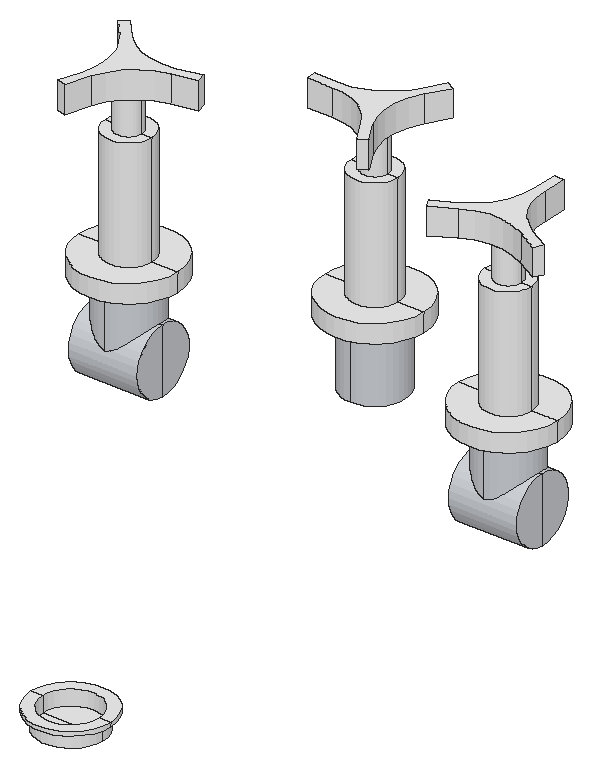
Revit family "2017_Fontaneria_FV-SA_Triades_0295-C3_Juego-Bide", category Plumbing Fixtures, Revit 2017
Family settings
  Round Connector Dimension = Use Diameter
  Part Type = Normal
  OmniClass Number = 23.45.55.17
  OmniClass Title = Mixing Faucets
  Work Plane-Based = No
  Always vertical = Yes
  Cut with Voids When Loaded = No
  Shared = No
  Room Calculation Point = No
Parameters
  X [instance] = if(Conexión > 20 mm, 45 mm, Conexión + 25 mm)  # 35 mm
  VidaUtilEsperada = ""
  VersionElementoBIM = "V01"  # constant formula
  UnidadMedicion = ""
  UnidadMantenimiento = ""
  Unidad = ""
  Uniclass2.0Titulo = "Bath manual valves"  # constant formula
  Uniclass2.0Codigo = "40-30-96-06"  # constant formula
  URLProducto = "http://www.fvsa.com/productos/juego-para-bide-c3-triades-0295-c3"
  URL = "http://www.fvsa.com/"
  UNSPSCTitulo = "Faucets or taps"  # constant formula
  UNSPSCCodigo = "30181700"  # constant formula
  Type Comments = "Apto para calefón y/o termotanque."
  TrabajoMantenimiento = ""
  TipoEmbalajeProteccion = ""
  TiempoMedioEntreFallos = ""
  TelefonoContacto = "0810-555-5300"  # constant formula
  ResistenciaAlViento = ""
  ResiduosPeligrososPorUnidad = 0
  ResiduosPeligrosos  = 0
  ResiduosNoPeligrososPorUnidad = 0
  ResiduosNoPeligrosos  = 0
  ResiduoRadioactivoPorUnidad = 0
  ResiduoRadioactivo = 0
  ResiduoInertePorUnidad = 0
  ResiduoInerte = 0
  ReferenciaUnidadFuncional = ""
  ReferenciaLote = ""
  ReferenciaContacto = ""
  Referencia = "0295/C3"  # constant formula
  PuntoDeContacto = ""
  PeriodoGarantia = ""
  OmniclassTitulo = "Faucet Mixing Valves"  # constant formula
  OmniclassCodigo = "23-31 11 19"  # constant formula
  NumeroSerie = "0295/C3"  # constant formula
  NumeroArticuloGlobalComercial = ""
  NumeroArticulo = ""
  NormativaMantenimiento = ""
  NivelTrabajoEjecucion = ""
  NivelMantenimiento = ""
  NivelDeDiseño = ""
  Model = "C3 Triades"  # constant formula
  MaterialEnvase = ""
  MaterialContenedor = ""
  Material = Acero, Cromado
  MateriaPrima = 0.00%
  MasterformatTitulo = "Residential Faucets, Supplies, and Trim"  # constant formula
  MasterformatCodigo = "22 41 39"  # constant formula
  MasaSuperficialKgm2 = 0
  Manufacturer = "FV S.A."  # constant formula
  LugarEnsamblaje = ""
  InstruccionesEspeciales = ""
  InformacionTecnica = "http://www.fvsa.com/productos/juego-para-bide-c3-triades-0295-c3/despiece"
  IdentificadorGarantia = ""
  IFCClasificacion = "IfcValve"
  GarantiaExtendida = no
  FrecuenciaMantenimiento = ""
  FormacionFotoquimicaOzonoPorUnidad = 0
  FormacionFotoquimicaOzono = 0
  Flujo Desagüe = 0.0 L/s
  Flujo Agua Fria = 0.0 L/s
  Flujo Agua Caliente = 0.0 L/s
  FechaVencimientoElementoBIM = "28/08/2019"  # constant formula
  FechaInstalacion = ""
  FechaInicioGarantia = ""
  FechaFinGarantia = ""
  FechaEvaluacion = ""
  FechaEmisionElementoBIM = "28/08/2018"  # constant formula
  FechaCompra = ""
  FaseCicloVida = ""
  FaltaDeRecursosPorUnidad = 0
  FaltaDeRecursos = 0
  Exclusiones = ""
  EutrofizacionPorUnidad = 0
  Eutrofizacion = 0
  EtiquetaModelo = ""
  EstanqueidadAgua = ""
  EnergiaRenovableConsumidaPorUnidad = 0
  EnergiaRenovableConsumida = 0
  EnergiaPrimariaTotalConsumidaPorUnidad = 0
  EnergiaNoRenovableConsumidaPorUnidad = 0
  EnergiaNoRenovableConsumida = 0
  EmisionCO2 = 0
  EmailContacto = "fvresponde@fvsa.com"  # constant formula
  DuracionVidaUtil = ""
  Distancia entre llaves y desagüe [instance] = 200 mm
  Distancia Grifo de llaves = 100 mm
  Desfase grifo de llaves [instance] = 37 mm
  DestruccionCapaOzonoEstratosfericaPorUnidad = 0
  DestruccionCapaOzonoEstratosferica = 0
  Description = "Juego para bidé, de dos llaves y transferencia. Desagüe con tapita"  # constant formula
  DescripcionEvaluacion = ""
  Desagüe [instance] = yes
  CosteMantenimiento = 0
  CosteEnergeticoMj = 0 J
  CosteEnergeticoKwh = 0
  ContenidoGarantia = "5 años"  # constant formula
  Conexión [instance] = 10 mm
  CondicionesMantenimiento = ""
  CondicionesGeneralesDeContratacion = ""
  CondicionesEvaluacion = ""
  CodigoBedec = ""
  CodigoBarras = ""
  CertificadoMantenimiento = ""
  CambioClimaticoPorUnidad = 0
  CambioClimatico = 0
  CalidadComponentes = ""
  COBieCategoria = ""
  Bimetica = "http://www.bimetica.com"
  AñoProduccion = ""
  Autor = "Bimetica Parametric Design Services S.L."  # constant formula
  AmbienteInterior = ""
  AmbienteExterior = ""
  Altura entre Grifo y Llaves con Desagüe [instance] = 100 mm
  Altura de colocación [instance] = 100 mm
  Altura = 100 mm
  AguaConsumidaPorUnidad = 0
  AguaConsumida = 0
  AcidificacionAtmosfericaPorUnidad = 0
  AcidificacionAtmosferica = 0
Reference planes
  plane 1 "Centro (Frontal/Posterior)": y = 0
  plane 2: z = 0
  plane 3 "Centro (Izquierda/Derecha)": x = 0
  plane 4 "Altura Llaves": z = 100
  plane 5 "Altura Desagüe": z = 0
  plane 6 "Desagüe": y = -200
  plane 7: z = 200
  plane 8 "Llaves": y = -37
  plane 9: x = -100
  plane 10: x = 100
  plane 11 "Conexión": z = 90
Forms (mm)
  Revolve 1, solid, material "Acero, Cromado" <- "Material", detail levels medium+fine
    sketch origin (0, -37, 0) x (1, 0, 0) y (0, 0, 1)
      loop
        line (-126.033, 109.6) -> (-126.033, 100) -> (-100, 100) -> (-100, 186.384) -> (-107.783, 186.384)
        arc (-107.783, 186.384) -> (-107.076, 186.091) -> (-106.783, 185.384) r 1
        line (-106.783, 185.384) -> (-106.783, 168.194) -> (-112.283, 168.194) -> (-112.283, 109.6) -> (-126.033, 109.6)
      axis (-100, 100) -> (-100, 186.384)
    angle from 0 to 360
  Revolve 2, solid, material "Acero, Cromado" <- "Material", detail levels medium+fine
    sketch origin (184.979, -37, 0) x (1, 0, 0) y (0, 0, 1)
      loop
        line (-111.012, 109.6) -> (-111.012, 100) -> (-84.979, 100) -> (-84.979, 186.394) -> (-92.762, 186.394)
        arc (-92.762, 186.394) -> (-92.055, 186.101) -> (-91.762, 185.394) r 1
        line (-91.762, 185.394) -> (-91.762, 168.194) -> (-97.262, 168.194) -> (-97.262, 109.6) -> (-111.012, 109.6)
      axis (-84.979, 100) -> (-84.979, 186.394)
    angle from 0 to 360
  Revolve 3, solid, material "Acero, Cromado" <- "Material", visible <- "Desagüe", detail levels medium+fine
    sketch origin (0, -200, 0) x (-1, 0, 0) y (0, 0, 1)
      loop
        line (15, 2) -> (15, -6) -> (0, -6) -> (0, -8) -> (17, -8) -> (17, 0) -> (21, 0) -> (21, 2) -> (15, 2)
      axis (0, 2) -> (0, -8)
    angle from 0 to 360
  Extrusion 4, solid, material "Acero, Cromado" <- "Material", detail levels coarse+medium
    sketch origin (0, 943.685, 100) x (0, 1, 0) y (-1, 0, 0)
      loop
        circle (-980.685, 100) r 33
      loop
        circle (-980.685, -100) r 33
      loop
        circle (-943.685, 0) r 33
    from 45.683 to 100
  Extrusion 5, solid
    sketch origin (0, 943.685, 100) x (0, 1, 0) y (-1, 0, 0)
      loop
        circle (-980.685, 100) r 16
      loop
        circle (-943.685, 0) r 16
      loop
        circle (-980.685, -100) r 16
    from 0 to -35
  Revolve 6, solid
    sketch origin (0, -37, 0) x (1, 0, 0) y (0, 0, 1)
      loop
        line (-118, 65) -> (-82, 65) -> (-82, 82) -> (-118, 82) -> (-118, 65)
      loop
        line (82, 65) -> (118, 65) -> (118, 82) -> (82, 82) -> (82, 65)
      axis (-118, 65) -> (118, 65)
    angle from 0 to 360
  Extrusion 7, solid, material "Acero, Cromado" <- "Material", detail levels fine
    sketch origin (0, 943.685, 100) x (0, 1, 0) y (-1, 0, 0)
      loop
        line (-957.628, 124.349) -> (-967.182, 115.66)
        arc (-967.182, 115.66) -> (-982.387, 107.817) -> (-999.477, 108.627) r 33.053
        line (-999.477, 108.627) -> (-1011.779, 112.556) -> (-1013.3, 107.793) -> (-1000.999, 103.864)
        arc (-1000.999, 103.864) -> (-986.603, 94.617) -> (-978.76, 79.412) r 33.053
        line (-978.76, 79.412) -> (-976.012, 66.794) -> (-971.126, 67.858) -> (-973.874, 80.476)
        arc (-973.874, 80.476) -> (-973.064, 97.566) -> (-963.818, 111.961) r 33.053
        line (-963.818, 111.961) -> (-954.264, 120.65) -> (-957.628, 124.349)
      loop
        line (-999.57, -72.29) -> (-993.113, -83.474)
        arc (-993.113, -83.474) -> (-988.685, -100) -> (-993.113, -116.526) r 33.053
        line (-993.113, -116.526) -> (-999.57, -127.71) -> (-995.24, -130.21) -> (-988.783, -119.026)
        arc (-988.783, -119.026) -> (-976.685, -106.928) -> (-960.159, -102.5) r 33.053
        line (-960.159, -102.5) -> (-947.245, -102.5) -> (-947.245, -97.5) -> (-960.159, -97.5)
        arc (-960.159, -97.5) -> (-976.685, -93.072) -> (-988.783, -80.974) r 33.053
        line (-988.783, -80.974) -> (-995.24, -69.79) -> (-999.57, -72.29)
    from 86.384 to 100.384
  Revolve 8, solid, material "Acero, Cromado" <- "Material", detail levels medium+fine
    sketch origin (0, 0, 0) x (1, 0, 0) y (0, 0, 1)
      loop
        line (-26.033, 109.6) -> (-26.033, 100) -> (0, 100) -> (0, 186.384) -> (-7.783, 186.384)
        arc (-7.783, 186.384) -> (-7.076, 186.091) -> (-6.783, 185.384) r 1
        line (-6.783, 185.384) -> (-6.783, 168.194) -> (-12.283, 168.194) -> (-12.283, 109.6) -> (-26.033, 109.6)
      axis (0, 100) -> (0, 186.384)
    angle from 0 to 360
  Extrusion 9, solid, material "Acero, Cromado" <- "Material", detail levels fine
    sketch origin (0, 0, 0) x (1, 0, 0) y (0, 1, 0)
      loop
        arc (8.098, 19.026) -> (-4, 6.928) -> (-20.526, 2.5) r 33.053
        line (-20.526, 2.5) -> (-33.44, 2.5) -> (-33.44, -2.5) -> (-20.526, -2.5)
        arc (-20.526, -2.5) -> (-4, -6.928) -> (8.098, -19.026) r 33.053
        line (8.098, -19.026) -> (14.555, -30.21) -> (18.885, -27.71) -> (12.428, -16.526)
        arc (12.428, -16.526) -> (8, 0) -> (12.428, 16.526) r 33.053
        line (12.428, 16.526) -> (18.885, 27.71) -> (14.555, 30.21) -> (8.098, 19.026)
    from 186.384 to 200.384
Lines and regions (mm)
  model lines, detail levels coarse
    curve 1: circle (0, -200, 0) r 21 normal (0, 0, 1)
  symbolic lines
    curve 2: line (453.571, -36.749, 0) -> (408.571, -36.749, 0)
Dimensions and locks
  "Distancia entre llaves y desagüe": plane 6 "Desagüe" to plane 1 "Centro (Frontal/Posterior)"
  "Altura": plane 7 to plane 4 "Altura Llaves"
  "Desfase grifo de llaves": plane 8 "Llaves" to plane 1 "Centro (Frontal/Posterior)"
  "Distancia Grifo de llaves": plane 9 to plane 3 "Centro (Izquierda/Derecha)"
  "Distancia Grifo de llaves": plane 3 "Centro (Izquierda/Derecha)" to plane 10
  "Altura de colocación": plane 4 "Altura Llaves" to plane 2
  "Altura entre Grifo y Llaves con Desagüe": plane 4 "Altura Llaves" to plane 5 "Altura Desagüe"
  Revolve 3 sketch curve to Revolve 3 sketch curve to Revolve 3 sketch curve to Revolve 3 sketch curve = 4 mm locked, 2 mm locked, 15 mm locked
  Revolve 3 sketch curve to plane 5 "Altura Desagüe" to Revolve 3 sketch curve to Revolve 3 sketch curve = 2 mm locked, 6 mm locked, 2 mm locked
  "X": plane 4 "Altura Llaves" to Extrusion 5
  "X": plane 4 "Altura Llaves" to Revolve 6 sketch curve
  locked: Revolve 6 sketch curve to Revolve 6 sketch curve at 17
  Revolve 6 sketch curve to plane 9 to Revolve 6 sketch curve = 18 mm locked, 18 mm locked
  Revolve 6 sketch curve to plane 10 to Revolve 6 sketch curve = 18 mm locked, 18 mm locked
  "Conexión": plane 4 "Altura Llaves" to plane 11 "Conexión"
  Extrusion 7 sketch curve to Extrusion 7 sketch curve to Extrusion 7 sketch curve to Extrusion 7 sketch curve to Extrusion 7 sketch curve to plane 9 to Extrusion 7 sketch curve to Extrusion 7 sketch curve to Extrusion 7 sketch curve to Extrusion 7 sketch curve = 15.763 mm locked, 3.699 mm locked, 8.094 mm locked, 4.763 mm locked, 7.793 mm locked, 12.491 mm locked, 15.131 mm locked, 4.521 mm locked, 1.064 mm locked
  Extrusion 7 sketch curve to Extrusion 7 sketch curve to Extrusion 7 sketch curve to Extrusion 7 sketch curve to plane 10 to Extrusion 7 sketch curve to Extrusion 7 sketch curve to Extrusion 7 sketch curve to Extrusion 7 sketch curve to Extrusion 7 sketch curve = 5.342 mm locked, 2.5 mm locked, 25.21 mm locked, 2.5 mm locked, 0 mm locked, 2.5 mm locked, 25.21 mm locked, 2.5 mm locked, 5.342 mm locked
  Extrusion 7 sketch curve to Extrusion 7 sketch curve to Extrusion 7 sketch curve to Extrusion 7 sketch curve to plane 8 "Llaves" to Extrusion 7 sketch curve to Extrusion 7 sketch curve to Extrusion 7 sketch curve to Extrusion 7 sketch curve to Extrusion 7 sketch curve = 1.521 mm locked, 0.724 mm locked, 21.635 mm locked, 8.736 mm locked, 4.673 mm locked, 4.885 mm locked, 13.498 mm locked, 3.364 mm locked, 12.685 mm locked
  Extrusion 7 sketch curve to Extrusion 7 sketch curve to Extrusion 7 sketch curve to Extrusion 7 sketch curve to Extrusion 7 sketch curve to plane 8 "Llaves" to Extrusion 7 sketch curve to Extrusion 7 sketch curve to Extrusion 7 sketch curve = 22.167 mm locked, 0 mm locked, 4.33 mm locked, 0 mm locked, 14.555 mm locked, 20.526 mm locked, 0 mm locked, 12.914 mm locked
  Extrusion 9 sketch curve to Extrusion 9 sketch curve to Extrusion 9 sketch curve to plane 3 "Centro (Izquierda/Derecha)" to Extrusion 9 sketch curve to Extrusion 9 sketch curve to Extrusion 9 sketch curve to Extrusion 9 sketch curve to Extrusion 9 sketch curve = 12.914 mm locked, 0 mm locked, 20.526 mm locked, 14.555 mm locked, 0 mm locked, 4.33 mm locked, 0 mm locked, 22.167 mm locked
  Extrusion 9 sketch curve to Extrusion 9 sketch curve to Extrusion 9 sketch curve to Extrusion 9 sketch curve to plane 1 "Centro (Frontal/Posterior)" to Extrusion 9 sketch curve to Extrusion 9 sketch curve to Extrusion 9 sketch curve to Extrusion 9 sketch curve to Extrusion 9 sketch curve = 5.342 mm locked, 2.5 mm locked, 25.21 mm locked, 2.5 mm locked, 0 mm locked, 2.5 mm locked, 25.21 mm locked, 2.5 mm locked, 5.342 mm locked
  aligned and locked: level to plane 2
  aligned and locked: Revolve 1 sketch curve to plane 9
  aligned and locked: Revolve 1 sketch curve to Revolve 1 sketch curve
  aligned and locked: plane 4 "Altura Llaves" to Revolve 1 sketch curve
  aligned and locked: Revolve 2 sketch curve to plane 10
  aligned and locked: Revolve 2 sketch curve to Revolve 2 sketch curve
  aligned and locked: plane 4 "Altura Llaves" to Revolve 2 sketch curve
  aligned and locked: plane 3 "Centro (Izquierda/Derecha)" to Revolve 3 sketch curve
  aligned and locked: Revolve 3 sketch curve to Revolve 3 sketch curve
  aligned and locked: Revolve 3 sketch curve to plane 5 "Altura Desagüe"
  aligned and locked: plane 3 "Centro (Izquierda/Derecha)" to curve 1
  aligned and locked: plane 6 "Desagüe" to curve 1
  aligned and locked: plane 8 "Llaves" to Extrusion 4 sketch curve  (x2)
  aligned and locked: plane 10 to Extrusion 4 sketch curve
  aligned and locked: plane 9 to Extrusion 4 sketch curve
  aligned and locked: plane 9 to Extrusion 5 sketch curve
  aligned and locked: plane 3 "Centro (Izquierda/Derecha)" to Extrusion 5 sketch curve
  aligned and locked: plane 10 to Extrusion 5 sketch curve
  aligned and locked: plane 1 "Centro (Frontal/Posterior)" to Extrusion 5 sketch curve
  aligned and locked: plane 8 "Llaves" to Extrusion 5 sketch curve  (x2)
  aligned and locked: Revolve 6 sketch curve to Revolve 6 sketch curve  (x3)
  aligned and locked: Revolve 8 sketch curve to Revolve 8 sketch curve
  aligned and locked: plane 3 "Centro (Izquierda/Derecha)" to Revolve 8 sketch curve
  aligned and locked: plane 3 "Centro (Izquierda/Derecha)" to Extrusion 4 sketch curve
  aligned and locked: plane 1 "Centro (Frontal/Posterior)" to Extrusion 4 sketch curve
Automatic sketch dimensions
  plane 9 to Revolve 1 sketch curve = 6.783 mm
  Revolve 1 sketch curve to Revolve 1 sketch curve = 1 mm  (x2)
  Revolve 1 sketch curve to Revolve 1 sketch curve = 5.5 mm
  Revolve 1 sketch curve to Revolve 1 sketch curve = 13.75 mm
  plane 4 "Altura Llaves" to Revolve 1 sketch curve = 9.6 mm
  Revolve 1 sketch curve to Revolve 1 sketch curve = 58.594 mm
  Revolve 1 sketch curve to Revolve 1 sketch curve = 17.19 mm
  Revolve 1 sketch curve to Revolve 1 sketch curve = 0 mm
  Revolve 1 sketch curve to level = 304.8 mm
  plane 7 to Revolve 1 sketch curve = 1060.067 mm
  Revolve 2 sketch curve to plane 10 = 6.783 mm
  Revolve 2 sketch curve to Revolve 2 sketch curve = 1 mm  (x2)
  Revolve 2 sketch curve to Revolve 2 sketch curve = 5.5 mm
  Revolve 2 sketch curve to Revolve 2 sketch curve = 13.75 mm
  plane 4 "Altura Llaves" to Revolve 2 sketch curve = 9.6 mm
  Revolve 2 sketch curve to Revolve 2 sketch curve = 58.594 mm
  Revolve 2 sketch curve to Revolve 2 sketch curve = 17.2 mm
  Revolve 2 sketch curve to Revolve 2 sketch curve = 0 mm
  Revolve 2 sketch curve to level = 304.8 mm
  plane 7 to Revolve 2 sketch curve = 1060.067 mm
  Revolve 3 sketch curve to Revolve 3 sketch curve = 358.045 mm
  plane 7 to Revolve 3 sketch curve = 1914.315 mm
  plane 9 to Extrusion 7 sketch curve = 3.864 mm
  plane 9 to Extrusion 7 sketch curve = 8.627 mm
  Extrusion 7 sketch curve to Extrusion 7 sketch curve = 4.33 mm  (x2)
  plane 1 "Centro (Frontal/Posterior)" to Extrusion 7 sketch curve = 35.075 mm
  Extrusion 7 sketch curve to Extrusion 7 sketch curve = 4.885 mm
  Extrusion 7 sketch curve to Extrusion 7 sketch curve = 9.554 mm
  plane 9 to Extrusion 7 sketch curve = 11.961 mm
  Revolve 8 sketch curve to plane 4 "Altura Llaves" = 0 mm
  Revolve 8 sketch curve to plane 3 "Centro (Izquierda/Derecha)" = 6.783 mm
  Revolve 8 sketch curve to Revolve 8 sketch curve = 1 mm  (x2)
  Revolve 8 sketch curve to Revolve 8 sketch curve = 5.5 mm
  Revolve 8 sketch curve to Revolve 8 sketch curve = 13.75 mm
  plane 4 "Altura Llaves" to Revolve 8 sketch curve = 9.6 mm
  Revolve 8 sketch curve to Revolve 8 sketch curve = 58.594 mm
  Revolve 8 sketch curve to Revolve 8 sketch curve = 17.19 mm
  Revolve 8 sketch curve to Revolve 8 sketch curve = 0 mm
  Revolve 8 sketch curve to level = 304.8 mm
  plane 7 to Revolve 8 sketch curve = 1060.067 mm
  plane 1 "Centro (Frontal/Posterior)" to curve 2 = 36.749 mm
  plane 10 to curve 2 = 308.571 mm
  curve 2 to curve 2 = 45 mm
  Extrusion 7 sketch curve to Extrusion 7 sketch curve = 6.457 mm  (x2)
  Extrusion 9 sketch curve to Extrusion 9 sketch curve = 4.33 mm
  Extrusion 9 sketch curve to Extrusion 9 sketch curve = 6.457 mm  (x2)
  Extrusion 9 sketch curve to Extrusion 9 sketch curve = 2.5 mm
  Revolve 6 sketch curve to Revolve 6 sketch curve = 55.976 mm
  Revolve 6 sketch curve to Revolve 6 sketch curve = 38.045 mm
  radius of curve 1 = 21 mm
  radius of Extrusion 5 sketch curve = 16 mm  (x3)
  radius of Extrusion 4 sketch curve = 33 mm  (x3)
Connectors
  piping at (-118, -37, 65), diameter 25, driven by "Flujo Agua Caliente"
    settings: on Revolve 6, index 1, connector inside diameter 609.6 mm, connector length 0 mm, flow factor 0, pipe flow 0.0 L/s, pressure drop 0.0 Pa, fitting loss kfactor 0, connector angle 0.00°, fixture units 0, engagement length 0 mm, angle of deflection 0.00°, flow configuration 0, flow direction 1, fitting loss method 0, system type 19, joint type 0, gender type 0, connector reference index -1, connector utility 0, adjustable connector no, is connector primary yes, connector description "Entrada llave agua caliente"
  piping at (118, -37, 65), diameter 25, driven by "Flujo Agua Fria"
    settings: on Revolve 6, index 2, connector inside diameter 609.6 mm, connector length 0 mm, flow factor 0, pipe flow 0.0 L/s, pressure drop 0.0 Pa, fitting loss kfactor 0, connector angle 0.00°, fixture units 0, engagement length 0 mm, angle of deflection 0.00°, flow configuration 0, flow direction 1, fitting loss method 0, system type 20, joint type 0, gender type 0, connector reference index -1, connector utility 0, adjustable connector no, is connector primary no, connector description "Entrada llave agua fria"
  piping at (0, -200, -8), diameter 27, driven by "Flujo Desagüe"
    settings: on Revolve 3, index 3, connector inside diameter 609.6 mm, connector length 0 mm, flow factor 0, pipe flow 0.0 L/s, pressure drop 0.0 Pa, fitting loss kfactor 0, connector angle 0.00°, fixture units 0, engagement length 0 mm, angle of deflection 0.00°, flow configuration 0, flow direction 2, fitting loss method 0, system type 16, joint type 0, gender type 0, connector reference index -1, connector utility 0, adjustable connector no, is connector primary no, connector description "Desagüe"
